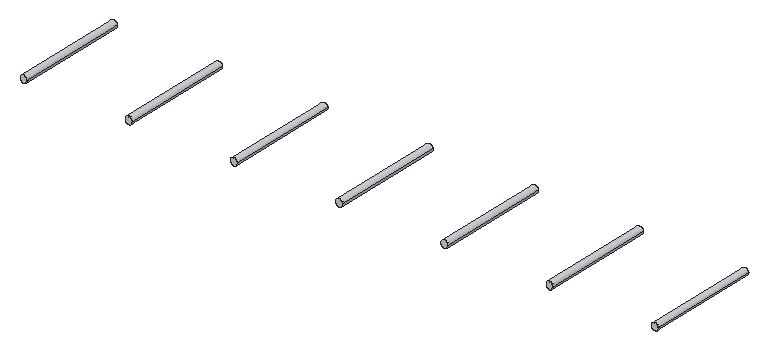
Revit family "Dorn_LD_20-320_A4_p_i_4031214_type", category Generic Models, Revit 2019
Family settings
  Can host rebar = No
  Round Connector Dimension = Use Diameter
  Part Type = Normal
  Work Plane-Based = Yes
  Always vertical = No
  Cut with Voids When Loaded = No
  Shared = No
  Room Calculation Point = No
Parameters (values of type "20/320 A4")
  Website Link [instance] = "https://haucon.dk/produkt/dorn-ld/#variations"
  Total Width = 320 mm
  Total Length [instance] = 2440 mm
  Technical Data Sheet [instance] = "https://haucon.dk/wp-content/uploads/2018/02/TA-Dorn-LD-TI-DK.pdf"
  Metal = Stainless Steel A4
  Height Dowel [instance] = 0 mm
  Dowel count [instance] = (Total Length / Distance) - 1  # 7
  Distance from start [instance] = 300 mm
  Distance [instance] = 300 mm
  Diameter = 20 mm
  Default Elevation = 1219.2 mm
Types (5, lengths in mm): name | Website Link | Total Width | Metal | Diameter
  (no name) | "https://haucon.dk/produkt/dorn-ld/#variations" | 320 | Stainless Steel A4 | 20
  20/320 A4 | "https://haucon.dk/produkt/dorn-ld/#variations" | 320 | Stainless Steel A4 | 20
  16/270 A4 | "https://haucon.dk/produkt/dorn-ld/#variations" | 270 | Stainless Steel A4 | 16
  16/270 Zn | "https://haucon.dk/produkt/dorn-ld/#variations" | 270 | Steel, Galvanized | 16
  20/320 Zn | "https://haucon.dk/produkt/dorn-ld/" | 320 | Steel, Galvanized | 20
Reference planes
  plane 1 "Center (Front/Back)": y = 0
  plane 2: z = 0
  plane 3 "Center (Left/Right)": x = 0
  plane 4: x = 2440
  plane 5: x = 300
  plane 6: x = 600
  plane 7: x = 900
  plane 8: x = 1200
  plane 9: x = 1500
  plane 10: x = 1800
  plane 11: x = 2100
Dimensions and locks
  equal spacing: group 1, group 2, group 3, group 4, group 5, group 6, group 7  (x3)
  "Total Length": plane 3 "Center (Left/Right)" to plane 4
  "Distance from start": plane 3 "Center (Left/Right)" to plane 5
  "Distance": plane 5 to plane 6
  aligned and locked: level to plane 2
Nested families
  nested 1: "Family1" at (273.576, 0, 0), Diameter <- "Diameter", Height Dowel <- "Height Dowel", Total Width <- "Total Width", type "Family1"
    with Total Width 320 mm, Height Dowel 0 mm, Diameter 20 mm
  nested 2: "Family1" at (573.576, 0, 0), Diameter <- "Diameter", Height Dowel <- "Height Dowel", Total Width <- "Total Width", type "Family1"
    with Total Width 320 mm, Height Dowel 0 mm, Diameter 20 mm
  nested 3: "Family1" at (873.576, 0, 0), Diameter <- "Diameter", Height Dowel <- "Height Dowel", Total Width <- "Total Width", type "Family1"
    with Total Width 320 mm, Height Dowel 0 mm, Diameter 20 mm
  nested 4: "Family1" at (1173.576, 0, 0), Diameter <- "Diameter", Height Dowel <- "Height Dowel", Total Width <- "Total Width", type "Family1"
    with Total Width 320 mm, Height Dowel 0 mm, Diameter 20 mm
  nested 5: "Family1" at (1473.576, 0, 0), Diameter <- "Diameter", Height Dowel <- "Height Dowel", Total Width <- "Total Width", type "Family1"
    with Total Width 320 mm, Height Dowel 0 mm, Diameter 20 mm
  nested 6: "Family1" at (1773.576, 0, 0), Diameter <- "Diameter", Height Dowel <- "Height Dowel", Total Width <- "Total Width", type "Family1"
    with Total Width 320 mm, Height Dowel 0 mm, Diameter 20 mm
  nested 7: "Family1" at (2073.576, 0, 0), Diameter <- "Diameter", Height Dowel <- "Height Dowel", Total Width <- "Total Width", type "Family1"
    with Total Width 320 mm, Height Dowel 0 mm, Diameter 20 mm
Definition of nested family "Family1"
  Parameters (values of type "Family1")
    Total Width [instance] = 320 mm
    Height Dowel [instance] = 100 mm
    Diameter [instance] = 20 mm
    Default Elevation = 1219.2 mm
  Reference planes
    plane 1 "Center (Front/Back)": y = 0
    plane 2: z = 0
    plane 3 "Center (Left/Right)": x = 0
    plane 4: y = 160
    plane 5: y = -160
    plane 6: x = -140
    plane 7: x = 140
    plane 8 "Dowel Height": z = 100
  Forms (mm)
    Extrusion 1, solid
      sketch origin (8.617, 0, 0) x (1, 0, 0) y (0, 0, 1)
        loop
          circle (17.807, 100) r 10
      from -160 to 160
  Dimensions and locks
    plane 6 to plane 7 = 280 mm
    equal spacing: plane 6, plane 3 "Center (Left/Right)", plane 7
    equal spacing: plane 4, plane 1 "Center (Front/Back)", plane 5
    "Total Width": plane 4 to plane 5
    "Height Dowel": plane 8 "Dowel Height" to level
    "Diameter": diameter of Extrusion 1 sketch curve
    aligned and locked: level to plane 2
    aligned and locked: plane 8 "Dowel Height" to Extrusion 1
    aligned and locked: plane 4 to Extrusion 1
    aligned and locked: plane 5 to Extrusion 1
  Automatic sketch dimensions
    Extrusion 1 sketch curve to plane 8 "Dowel Height" = 0 mm
    plane 3 "Center (Left/Right)" to Extrusion 1 sketch curve = 26.424 mm
